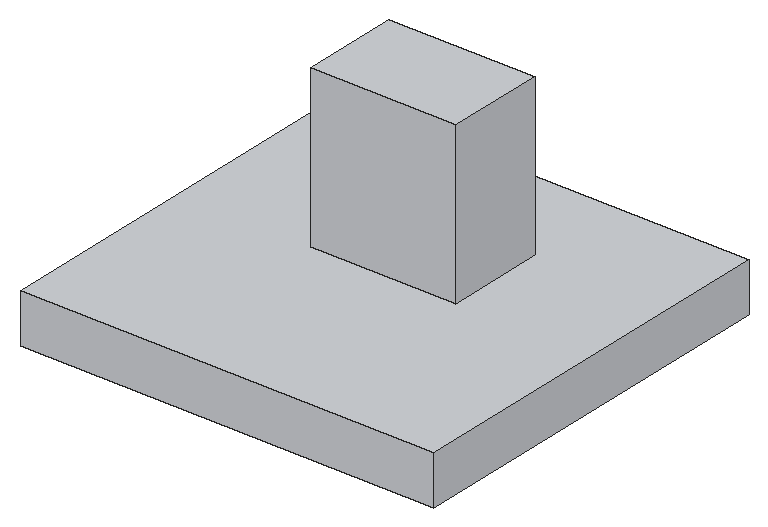
Revit family "M_Filtro de gordura - Somente exaustão - Parede", category Terminais de ar, Revit 2019
Family settings
  Hospedeiro = Face
  Cota do conector redondo = Utilizar diâmetro
  Tipo de parte = Normal
  Número OmniClass = 23.40.40.14.21.11
  Título OmniClass = Food Service Hoods
  ID de item do Seek = Grease Hood - Exhaust Only - Wall-0000-CAN-ENU
  Corte com vazios quando carregada = Não
  Compartilhado = Não
  Ponto de cálculo do ambiente = Não
Parameters (values of type "Padrão")
  Queda de pressão [instance] = 100.0 Pa
  Fluxo mínimo = 0.0 L/s
  Fluxo máximo = 1510.0 L/s
  Largura da coifa [instance] = 990 mm
  Material da coifa = none
  Comprimento da coifa [instance] = 900 mm
  Comprimento de meia coifa [instance] = 1 / 2 * Comprimento da coifa  # 450 mm
  Largura do duto [instance] = 150 mm
  Altura do duto [instance] = 250 mm
  Elevação-padrão = 1200 mm
  Fluxo de ar [instance] = 1510.0 L/s
Reference planes
  plane 1 "Centro (Frente/Trás)": y = 0
  plane 2: z = 0
  plane 3 "Centro (Esquerda/Direita)": x = 0
  plane 4: y = 609.6
  plane 5: y = 711.2
  plane 6: x = -450
  plane 7: x = 450
  plane 8: z = 990
  plane 9: z = 50.8
  plane 10: z = 300.8
  plane 11: x = 75
  plane 12: x = -75
Forms (mm)
  Extrusion 1, solid
    sketch origin (0, 0, 0) x (1, 0, 0) y (0, 1, 0)
      loop
        line (-1273.455, 1219.2) -> (-1273.455, -1219.2) -> (1288.2, -1219.2) -> (1288.2, 1219.2) -> (-1273.455, 1219.2)
    from 0 to -304.8
  Extrusion 2, solid, material <- "Material da coifa"
    sketch origin (0, 0, 0) x (1, 0, 0) y (0, 1, 0)
      loop
        line (-450, 609.6) -> (-450, 0) -> (450, 0) -> (450, 609.6) -> (-450, 609.6)
    from 0 to 990
  Extrusion 3, solid, material <- "Material da coifa"
    sketch origin (0, 0, 0) x (1, 0, 0) y (0, 0, 1)
      loop
        line (75, 300.8) -> (-75, 300.8) -> (-75, 50.8) -> (75, 50.8) -> (75, 300.8)
    from -711.2 to -609.6
Cuts and joins
  joined: Extrusion 2, Extrusion 3
Dimensions and locks
  locked: plane 4 to plane 1 "Centro (Frente/Trás)" at 609.6
  locked: plane 5 to plane 4 at 101.6
  equal spacing: plane 6, plane 3 "Centro (Esquerda/Direita)", plane 7
  "Largura da coifa": plane 2 to plane 8
  equal spacing: plane 12, plane 3 "Centro (Esquerda/Direita)", plane 11
  "Largura do duto": plane 12 to plane 11
  locked: plane 2 to plane 9 at 50.8
  "Altura do duto": plane 9 to plane 10
  "Comprimento de meia coifa": plane 6 to plane 3 "Centro (Esquerda/Direita)"
  aligned and locked: plane 2 to Extrusion 1
  aligned and locked: level to Extrusion 1
  aligned and locked: plane 6 to Extrusion 2 sketch curve
  aligned and locked: Extrusion 2 sketch curve to plane 4
  aligned and locked: plane 1 "Centro (Frente/Trás)" to Extrusion 2 sketch curve
  aligned and locked: Extrusion 2 sketch curve to plane 7
  aligned and locked: plane 8 to Extrusion 2
  aligned and locked: Extrusion 2 to plane 2
  aligned and locked: plane 11 to Extrusion 3 sketch curve
  aligned and locked: plane 10 to Extrusion 3 sketch curve
  aligned and locked: plane 9 to Extrusion 3 sketch curve
  aligned and locked: plane 12 to Extrusion 3 sketch curve
  aligned and locked: plane 5 to Extrusion 3
  aligned and locked: Extrusion 3 to plane 4
Automatic sketch dimensions
  Extrusion 1 sketch curve to Extrusion 1 sketch curve = 2561.655 mm
  Extrusion 1 sketch curve to Extrusion 1 sketch curve = 2438.4 mm
Connectors
  hvac at (0, 711.2, 175.8), driven by "Queda de pressão", driven by "Fluxo de ar", driven by "Altura do duto", driven by "Largura do duto"
    settings: on Extrusion 3, index 1, duct flow 1510.0 L/s, flow factor 0, pres drop 100.0 Pa, loss coef 0, conn angle 0.00°, conn width 150 mm, conn height 250 mm, conn diameter 609.6 mm, duct sys type 3, conn prof type 1, flow config 1, flow direction 2, loss method 4, conn ref index -1, conn util no, is conn primary yes, conn desc ""
